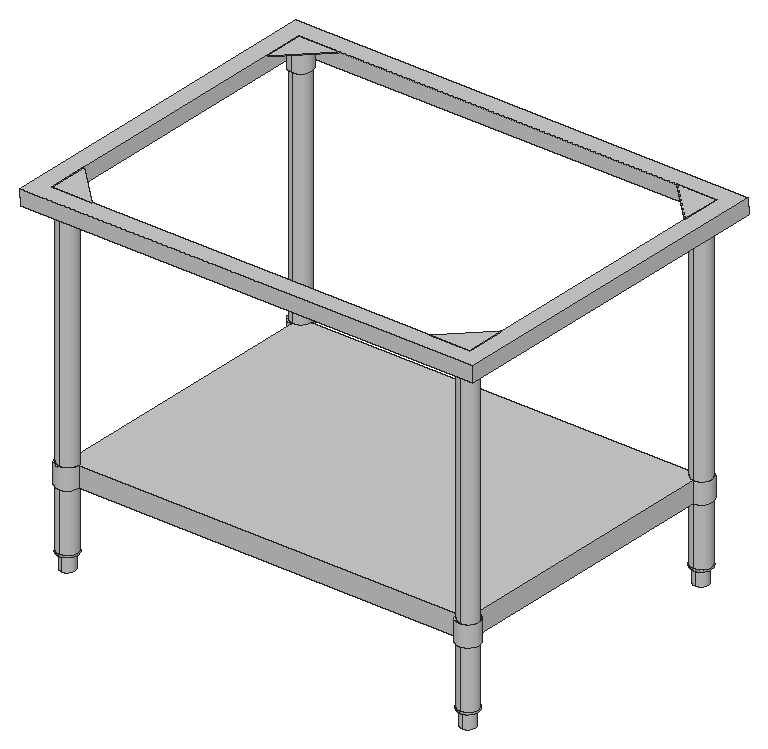
Revit family "QF_COMCATER ALL BRANDS_RCSTD9.201214112640", category Specialty Equipment, Revit 2016
Family settings
  Part Type = Normal
  Round Connector Dimension = Use Diameter
  OmniClass Number = 23.40.40.14
  OmniClass Title = Food Service Equipment
  Work Plane-Based = No
  Always vertical = Yes
  Cut with Voids When Loaded = No
  Shared = No
  Room Calculation Point = No
Parameters (values of type "RCSTD9")
  Weight = 15.00 kg
  URL Cutsheet = ""
  URL = "www.comcater.com.au"
  Status [instance] = ""
  Specification by User [instance] = ""
  Specification by Manufacturer [instance] = ""
  Serial Number = ""
  Seismic Rating = ""
  SMACNA No = ""
  Revision Code [instance] = ""
  NAFEM Spec ID Number = ""
  Model = "RCSTD9"
  Masterspec = ""
  Manufacturer = "TRUEHEAT"
  Length Actual = 900 mm
  Item Number [instance] = ""
  Installed By [instance] = ""
  Identify Quantity as Lot [instance] = no
  Height Actual = 680 mm
  Furnished By [instance] = ""
  Foodservice Equipment Identifier [instance] = no
  Description = "900 MM WIDE STAND"
  Depth Actual = 683 mm
  Cost = 0
  CSI MasterFormat = ""
  Accessory = no
Reference planes
  plane 1 "Center (Front/Back)": y = 0
  plane 2: z = 0
  plane 3 "Center (Left/Right)": x = 0
Dimensions and locks
  aligned and locked: level to plane 2
Nested families
  nested 1: "QF_COMCATER_RCSTD9" at (0, 0, 0), type "RCSTD9"
    with Length Actual 900 mm, Height Actual 680 mm, Depth Actual 683 mm
Definition of nested family "QF_COMCATER_RCSTD9"
  Parameters (values of type "RCSTD9")
    URL = "www.comcater.com.au"
    Model = "RCSTD9"
    Manufacturer = "TRUEHEAT"
    Length Actual [instance] = 900 mm
    Height Actual [instance] = 680 mm
    Description = "WIDE STANDS"
    Depth Actual [instance] = 683 mm
    Assembly Code = "E1090320"
  Reference planes
    plane 1 "Back": y = 0
    plane 2: z = 0
    plane 3 "Left": x = 0
    plane 4 "Right": x = 900
    plane 5 "Front": y = -768
    plane 6 "Top": z = 680
    plane 7 "Stand back": y = -85
    plane 8 "Legs left": x = 52
    plane 9 "Legs right": x = 848
  Forms (mm)
    Extrusion 1, solid
      sketch origin (52, -9, 150) x (1, 0, 0) y (0, 1, 0)
        loop
          line (0, -150) -> (0, -685)
          arc (0, -685) -> (-15.556, -722.556) -> (22, -707) r 22
          line (22, -707) -> (774, -707)
          arc (774, -707) -> (811.556, -722.556) -> (796, -685) r 22
          line (796, -685) -> (796, -150)
          arc (796, -150) -> (811.556, -112.444) -> (774, -128) r 22
          line (774, -128) -> (22, -128)
          arc (22, -128) -> (-15.556, -112.444) -> (0, -150) r 22
        loop
          circle (0, -707) r 19
        loop
          circle (796, -707) r 19
        loop
          circle (796, -128) r 19
        loop
          circle (0, -128) r 19
      from 0 to 40
    Revolve 2, solid
      sketch origin (52, 0, 0) x (0, -1, 0) y (0, 0, 1)
        loop
          line (137, 0) -> (137, 638) -> (118, 638) -> (118, 33)
          arc (118, 33) -> (116.5, 31.5) -> (118, 30) r 1.5
          line (118, 30) -> (123, 30) -> (123, 0) -> (137, 0)
        axis (137, 0) -> (137, 638)
      angle from 0 to 360
    Revolve 3, solid
      sketch origin (52, 0, 0) x (0, -1, 0) y (0, 0, 1)
        loop
          line (716, 0) -> (716, 638) -> (697, 638) -> (697, 33)
          arc (697, 33) -> (695.5, 31.5) -> (697, 30) r 1.5
          line (697, 30) -> (702, 30) -> (702, 0) -> (716, 0)
        axis (716, 0) -> (716, 638)
      angle from 0 to 360
    Extrusion 4, solid
      sketch origin (0, 0, 680) x (0, 1, 0) y (-1, 0, 0)
        loop
          line (-120, -865) -> (-120, -35) -> (-733, -35) -> (-733, -865) -> (-120, -865)
        loop
          line (-85, -900) -> (-85, 0) -> (-768, 0) -> (-768, -900) -> (-85, -900)
      from 0 to -30
    Extrusion 5, solid
      sketch origin (0, 0, 680) x (0, 1, 0) y (-1, 0, 0)
        loop
          line (-120, -35) -> (-200, -35) -> (-120, -115) -> (-120, -35)
        loop
          line (-120, -865) -> (-120, -785) -> (-200, -865) -> (-120, -865)
        loop
          line (-733, -35) -> (-733, -115) -> (-653, -35) -> (-733, -35)
        loop
          line (-733, -865) -> (-653, -865) -> (-733, -785) -> (-733, -865)
      from 0 to -3
    Revolve 6, solid
      sketch origin (848, 0, 0) x (0, -1, 0) y (0, 0, 1)
        loop
          line (137, 0) -> (137, 638) -> (118, 638) -> (118, 33)
          arc (118, 33) -> (116.5, 31.5) -> (118, 30) r 1.5
          line (118, 30) -> (123, 30) -> (123, 0) -> (137, 0)
        axis (137, 0) -> (137, 638)
      angle from 0 to 360
    Revolve 7, solid
      sketch origin (848, 0, 0) x (0, -1, 0) y (0, 0, 1)
        loop
          line (716, 0) -> (716, 638) -> (697, 638) -> (697, 33)
          arc (697, 33) -> (695.5, 31.5) -> (697, 30) r 1.5
          line (697, 30) -> (702, 30) -> (702, 0) -> (716, 0)
        axis (716, 0) -> (716, 638)
      angle from 0 to 360
    Extrusion 8, solid
      sketch origin (0, 100, 680) x (0, 1, 0) y (-1, 0, 0)
        loop
          circle (-816, -52) r 22
        loop
          circle (-816, -848) r 22
        loop
          circle (-237, -848) r 22
        loop
          circle (-237, -52) r 22
      from -3 to -42
  Lines and regions (mm)
    symbolic lines
      curve 1: line (0, -85, 0) -> (900, -85, 0)
      curve 2: line (900, -85, 0) -> (900, -768, 0)
      curve 3: line (900, -768, 0) -> (0, -768, 0)
      curve 4: line (0, -768, 0) -> (0, -85, 0)
  Dimensions and locks
    plane 1 "Back" to plane 5 "Front" = 768 mm
    "Height Actual": plane 6 "Top" to level
    "Length Actual": plane 3 "Left" to plane 4 "Right"
    plane 4 "Right" to plane 3 "Left" = 900 mm
    plane 6 "Top" to level = 680 mm
    "Depth Actual": plane 7 "Stand back" to plane 5 "Front"
    locked: plane 7 "Stand back" to plane 1 "Back" at 85
    locked: plane 3 "Left" to plane 8 "Legs left" at 52
    locked: plane 9 "Legs right" to plane 4 "Right" at 52
    aligned and locked: level to plane 2
  Automatic sketch dimensions
    curve 4 to plane 3 "Left" = 0 mm
    curve 3 to plane 4 "Right" = 0 mm
    curve 3 to plane 5 "Front" = 0 mm
    curve 2 to plane 7 "Stand back" = 0 mm
    Extrusion 1 sketch curve to Extrusion 1 sketch curve = 0 mm  (x8)
    Extrusion 1 sketch curve to plane 8 "Legs left" = 0 mm
    Extrusion 1 sketch curve to plane 9 "Legs right" = 0 mm
    Extrusion 1 sketch curve to Extrusion 1 sketch curve = 22 mm  (x3)
    plane 9 "Legs right" to Extrusion 1 sketch curve = 22 mm
    plane 5 "Front" to Extrusion 1 sketch curve = 52 mm
    Extrusion 1 sketch curve to plane 7 "Stand back" = 74 mm
    Revolve 2 sketch curve to level = 0 mm
    Revolve 2 sketch curve to plane 7 "Stand back" = 33 mm
    Revolve 2 sketch curve to Revolve 2 sketch curve = 5 mm
    Revolve 2 sketch curve to plane 6 "Top" = 42 mm
    Revolve 2 sketch curve to Revolve 2 sketch curve = 19 mm
    level to Revolve 2 sketch curve = 30 mm
    Revolve 2 sketch curve to Revolve 2 sketch curve = 1.5 mm
    Revolve 2 sketch curve to plane 7 "Stand back" = 52 mm
    Revolve 2 sketch curve to Revolve 2 sketch curve = 13 mm
    plane 6 "Top" to Revolve 2 sketch curve = 15 mm
    Revolve 3 sketch curve to level = 0 mm
    level to Revolve 3 sketch curve = 31.5 mm
    plane 5 "Front" to Revolve 3 sketch curve = 71 mm
    Revolve 3 sketch curve to Revolve 3 sketch curve = 5 mm
    Revolve 3 sketch curve to plane 6 "Top" = 42 mm
    Revolve 3 sketch curve to Revolve 3 sketch curve = 19 mm
    Revolve 3 sketch curve to Revolve 3 sketch curve = 1.5 mm
    Revolve 3 sketch curve to Revolve 3 sketch curve = 0 mm
    Revolve 3 sketch curve to Revolve 3 sketch curve = 13 mm
    plane 6 "Top" to Revolve 3 sketch curve = 15 mm
    Extrusion 4 sketch curve to plane 4 "Right" = 0 mm
    Extrusion 4 sketch curve to plane 5 "Front" = 0 mm
    Extrusion 4 sketch curve to plane 7 "Stand back" = 0 mm
    Extrusion 4 sketch curve to plane 3 "Left" = 0 mm
    Extrusion 4 sketch curve to plane 9 "Legs right" = 17 mm
    plane 5 "Front" to Extrusion 4 sketch curve = 35 mm
    Extrusion 4 sketch curve to plane 7 "Stand back" = 35 mm
    plane 8 "Legs left" to Extrusion 4 sketch curve = 17 mm
    plane 8 "Legs left" to Extrusion 5 sketch curve = 17 mm  (x2)
    plane 5 "Front" to Extrusion 5 sketch curve = 35 mm  (x2)
    Extrusion 5 sketch curve to plane 9 "Legs right" = 17 mm  (x2)
    Extrusion 5 sketch curve to Extrusion 5 sketch curve = 80 mm  (x2)
    Extrusion 5 sketch curve to plane 7 "Stand back" = 115 mm  (x2)
    Extrusion 5 sketch curve to plane 7 "Stand back" = 35 mm  (x2)
    plane 9 "Legs right" to Extrusion 5 sketch curve = 63 mm  (x2)
    Extrusion 5 sketch curve to plane 8 "Legs left" = 63 mm  (x2)
    Revolve 6 sketch curve to level = 0 mm
    Revolve 6 sketch curve to plane 7 "Stand back" = 33 mm
    Revolve 6 sketch curve to Revolve 6 sketch curve = 5 mm
    Revolve 6 sketch curve to plane 6 "Top" = 42 mm
    Revolve 6 sketch curve to Revolve 6 sketch curve = 19 mm
    level to Revolve 6 sketch curve = 30 mm
    Revolve 6 sketch curve to Revolve 6 sketch curve = 1.5 mm
    Revolve 6 sketch curve to plane 7 "Stand back" = 52 mm
    Revolve 6 sketch curve to Revolve 6 sketch curve = 13 mm
    plane 6 "Top" to Revolve 6 sketch curve = 15 mm
    Revolve 7 sketch curve to level = 0 mm
    level to Revolve 7 sketch curve = 31.5 mm
    plane 5 "Front" to Revolve 7 sketch curve = 71 mm
    Revolve 7 sketch curve to Revolve 7 sketch curve = 5 mm
    Revolve 7 sketch curve to plane 6 "Top" = 42 mm
    Revolve 7 sketch curve to Revolve 7 sketch curve = 19 mm
    Revolve 7 sketch curve to Revolve 7 sketch curve = 1.5 mm
    Revolve 7 sketch curve to Revolve 7 sketch curve = 0 mm
    Revolve 7 sketch curve to Revolve 7 sketch curve = 13 mm
    plane 6 "Top" to Revolve 7 sketch curve = 15 mm
    Extrusion 8 sketch curve to plane 8 "Legs left" = 0 mm  (x2)
    Extrusion 8 sketch curve to plane 9 "Legs right" = 0 mm  (x2)
    Extrusion 8 sketch curve to plane 7 "Stand back" = 52 mm  (x2)
    plane 5 "Front" to Extrusion 8 sketch curve = 52 mm  (x2)
    radius of Extrusion 1 sketch curve = 19 mm  (x4)
    radius of Extrusion 8 sketch curve = 22 mm  (x4)
